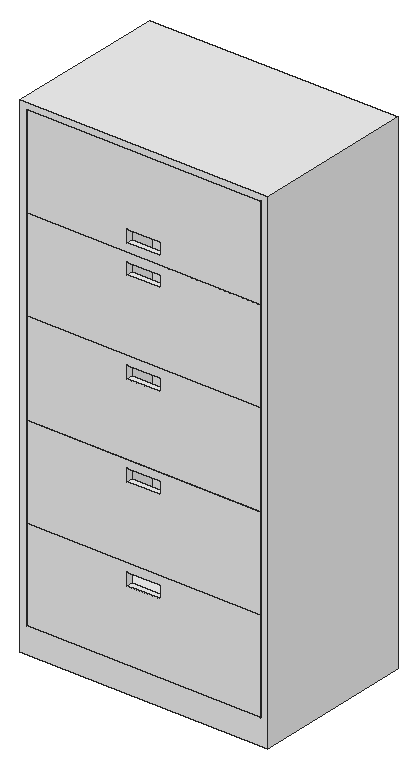
Revit family
Parameters (values of type "760 x 500 x 1520mm")
  Keynote = "N"
  Assembly Code = "E2020200"
  Depth = 500 mm
  Material = Metal - Steel
  Height = 1520 mm
  Width = 760 mm
Reference planes
  plane 1 "Center F/B": y = -934.318
  plane 2: z = 0
  plane 3 "Center L/R": x = -180.023
  plane 4: x = -560.023
  plane 5: x = 199.977
  plane 6: y = -1184.318
  plane 7: y = -684.318
  plane 8: x = 180.927
  plane 9: x = -540.973
  plane 10: y = -703.368
  plane 11: z = 76.2
  plane 12: z = 361.15
  plane 13: z = 646.1
  plane 14: z = 931.05
  plane 15: z = 1216
  plane 16: z = 1520
  plane 17: z = 1500.95
Forms (mm)
  Extrusion 1, solid, material "Metal - Steel" <- "Material"
    sketch origin (0, 0, 0) x (1, 0, 0) y (0, 1, 0)
      loop
        line (-560.023, -684.318) -> (-560.023, -1184.318) -> (199.977, -1184.318) -> (199.977, -684.318) -> (-560.023, -684.318)
    from 0 to 1520
  Extrusion 2, void
    sketch origin (-466.689, -1184.318, 1839.106) x (0, 0, -1) y (1, 0, 0)
      loop
        line (338.156, -74.284) -> (1762.906, -74.284) -> (1762.906, 647.616) -> (338.156, 647.616) -> (338.156, -74.284)
    from 0 to -480.95
  Extrusion 3, solid, material "Metal - Steel"
    sketch origin (-560.023, -1184.318, 1520) x (0, 0, -1) y (1, 0, 0)
      loop
        line (873.9, 19.05) -> (873.9, 740.95) -> (588.95, 740.95) -> (588.95, 19.05) -> (873.9, 19.05)
    from 0 to -19.05
  Extrusion 4, solid, material "Metal - Steel"
    sketch origin (-560.023, -1184.318, 1520) x (0, 0, -1) y (1, 0, 0)
      loop
        line (588.95, 19.05) -> (588.95, 740.95) -> (304, 740.95) -> (304, 19.05) -> (588.95, 19.05)
    from 0 to -19.05
  Extrusion 5, solid, material "Metal - Steel"
    sketch origin (-560.023, -1184.318, 1520) x (0, 0, -1) y (1, 0, 0)
      loop
        line (304, 19.05) -> (304, 740.95) -> (19.05, 740.95) -> (19.05, 19.05) -> (304, 19.05)
    from 0 to -19.05
  Extrusion 6, solid, material "Metal - Steel"
    sketch origin (-560.023, -1184.318, 1520) x (0, 0, -1) y (1, 0, 0)
      loop
        line (873.9, 19.05) -> (1158.85, 19.05) -> (1158.85, 740.95) -> (873.9, 740.95) -> (873.9, 19.05)
    from 0 to -19.05
  Extrusion 7, solid, material "Metal - Steel"
    sketch origin (-560.023, -1184.318, 1520) x (0, 0, -1) y (1, 0, 0)
      loop
        line (1158.85, 19.05) -> (1443.8, 19.05) -> (1443.8, 740.95) -> (1158.85, 740.95) -> (1158.85, 19.05)
    from 0 to -19.05
  Extrusion 8, void
    sketch origin (-560.023, -1184.318, 1520) x (0, 0, -1) y (1, 0, 0)
      loop
        line (1184.25, 329.2) -> (1222.35, 329.2) -> (1222.35, 430.8) -> (1184.25, 430.8) -> (1184.25, 329.2)
    from 0 to -19.05
  Extrusion 9, void
    sketch origin (-560.023, -1184.318, 1520) x (0, 0, -1) y (1, 0, 0)
      loop
        line (899.3, 329.2) -> (937.4, 329.2) -> (937.4, 430.8) -> (899.3, 430.8) -> (899.3, 329.2)
      loop
        line (614.35, 329.2) -> (652.45, 329.2) -> (652.45, 430.8) -> (614.35, 430.8) -> (614.35, 329.2)
      loop
        line (329.4, 329.2) -> (367.5, 329.2) -> (367.5, 430.8) -> (329.4, 430.8) -> (329.4, 329.2)
      loop
        line (278.6, 329.2) -> (278.6, 430.8) -> (240.5, 430.8) -> (240.5, 329.2) -> (278.6, 329.2)
    from 0 to -19.05
Cuts and joins
  Extrusion 2, Extrusion 8, Extrusion 9 cuts Extrusion 1
  Extrusion 8, Extrusion 9 cuts Extrusion 3
  Extrusion 8, Extrusion 9 cuts Extrusion 4
  Extrusion 8, Extrusion 9 cuts Extrusion 5
  Extrusion 8, Extrusion 9 cuts Extrusion 6
  Extrusion 8, Extrusion 9 cuts Extrusion 7
Lines and regions (mm)
  Masking region 1
    outline origin (0, 0, 0) x (1, 0, 0) y (0, 1, 0)
      loop
        line (-560.023, -684.318) -> (-560.023, -1184.318) -> (199.977, -1184.318) -> (199.977, -684.318) -> (-560.023, -684.318)
  symbolic lines
    curve 1: line (-560.023, -684.318, 0) -> (-560.023, -1184.318, 0)
    curve 2: line (199.977, -684.318, 0) -> (-560.023, -684.318, 0)
    curve 3: line (199.977, -1184.318, 0) -> (199.977, -684.318, 0)
    curve 4: line (-560.023, -1184.318, 0) -> (199.977, -1184.318, 0)
Dimensions and locks
  equal spacing: plane 4, plane 3 "Center L/R", plane 5
  equal spacing: plane 6, plane 1 "Center F/B", plane 7
  "Depth": plane 6 to plane 7
  "Width": plane 4 to plane 5
  locked: plane 10 to plane 7 at 19.05
  "Height": plane 16 to plane 2
  locked: plane 11 to plane 2 at 76.2
  locked: plane 16 to plane 17 at 19.05
  equal spacing: plane 17, plane 15, plane 14, plane 13, plane 12, plane 11
  plane 4 to plane 9 = 19.05 mm
  plane 8 to plane 5 = 19.05 mm
  equal spacing: plane 9, plane 3 "Center L/R", plane 8
  aligned and locked: Extrusion 2 to plane 10
  aligned and locked: plane 16 to Extrusion 1
  aligned and locked: Extrusion 1 to plane 2
  aligned and locked: plane 17 to Extrusion 2
  aligned and locked: Extrusion 2 sketch curve to plane 11
  aligned and locked: curve 1 to cut or joined group of Extrusion 1, Extrusion 2, Extrusion 8, Extrusion 9
  aligned and locked: curve 2 to cut or joined group of Extrusion 1, Extrusion 2, Extrusion 8, Extrusion 9
  aligned and locked: curve 3 to cut or joined group of Extrusion 1, Extrusion 2, Extrusion 8, Extrusion 9
  aligned and locked: curve 4 to cut or joined group of Extrusion 1, Extrusion 2, Extrusion 8, Extrusion 9
Automatic sketch dimensions
  Extrusion 2 sketch curve to plane 8 = 0 mm
  Extrusion 2 sketch curve to plane 17 = 0 mm
  Extrusion 2 sketch curve to plane 9 = 0 mm
  Extrusion 3 sketch curve to plane 9 = 0 mm
  Extrusion 3 sketch curve to plane 8 = 0 mm
  Extrusion 4 sketch curve to plane 9 = 0 mm
  Extrusion 4 sketch curve to plane 8 = 0 mm
  Extrusion 5 sketch curve to plane 9 = 0 mm
  Extrusion 5 sketch curve to plane 8 = 0 mm
  Extrusion 6 sketch curve to plane 9 = 0 mm
  Extrusion 6 sketch curve to plane 8 = 0 mm
  Extrusion 9 sketch curve to plane 3 "Center L/R" = 50.8 mm  (x4)
  plane 3 "Center L/R" to Extrusion 9 sketch curve = 50.8 mm  (x3)
  Extrusion 9 sketch curve to Extrusion 9 sketch curve = 0 mm
  Masking region 1 sketch curve to plane 4 = 0 mm
  Masking region 1 sketch curve to plane 5 = 0 mm
  Masking region 1 sketch curve to plane 6 = 0 mm
  Masking region 1 sketch curve to plane 7 = 0 mm
